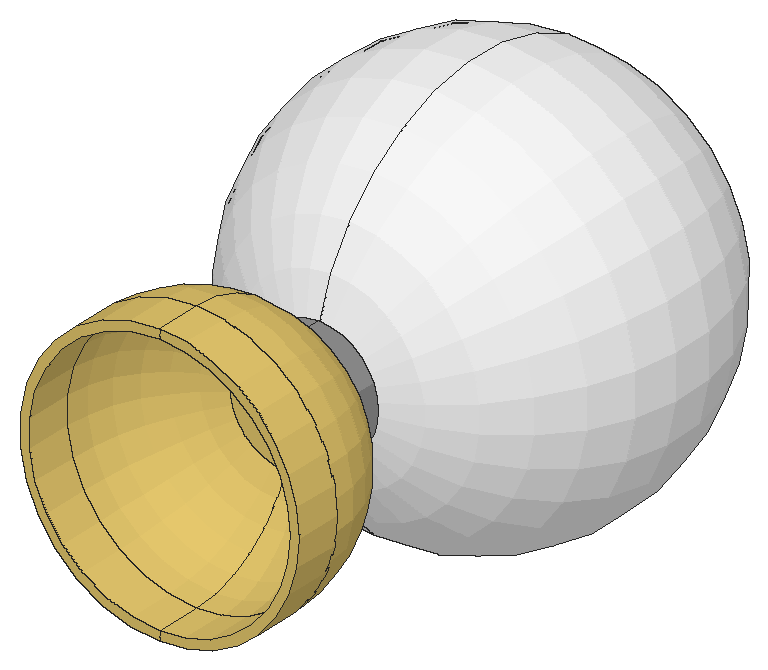
Revit family "Aballs_A_ll_ME_Wall", category Luminarias, Revit 2017
Family settings
  Anfitrión = Muro
  Cota de conector redondo = Diámetro de uso
  Tipo de pieza = Normal
  Número OmniClass = 23.80.70.00
  Título OmniClass = Lighting
  Siempre vertical = Sí
  Corte con vacíos al cargar = No
  Origen de luz = Sí
  Compartido = No
  Punto de cálculo de habitación = No
Parameters
  Wattage = 9.2903 W
  URL = "https://www.parachilna.eu/collections/aballs/products/aballs-a-ii-me"
  Light Source Symbol Size = 609.6 mm
  built-in parameter 1150110 = 1 (stored number, unit not read)
  Montaje = "https://www.dropbox.com/sh/y09r5f3by8ur25m/AACzveyU-6ukK_LyryJNx2f_a?dl=0"
  Modelo = "ABALLS A II ME"
  Metal Ring = Shiny  Platinum
  Imagen de tipo = w3AFNegw.jpeg
  built-in parameter 1114217 = 1 (stored number, unit not read)
  built-in parameter 1150109 = 1 (stored number, unit not read)
  Fabricante = "PARACHILNA"
  Difusor = Opal White
  Descripción = "Ceiling lamp. Base in white, black, golden, copper or platinum ceramic. Diffuser in blown opal matt glass."
  built-in parameter 1150134 = (empty or 0)
  built-in parameter 1150113 = 1 (stored number, unit not read)
  Lumens = 1380 lm
  built-in parameter 1150115 = 1 (stored number, unit not read)
  built-in parameter 1150105 = 109.82 (stored number, unit not read)
  built-in parameter 1150137 = (empty or 0)
  built-in parameter 1150139 = (empty or 0)
  built-in parameter 1150112 = 1 (stored number, unit not read)
  built-in parameter 1150114 = 1 (stored number, unit not read)
  built-in parameter 1150132 = 2
  built-in parameter 1150102 = (empty or 0)
  built-in parameter 1150138 = (empty or 0)
  built-in parameter 1150107 = 3000 (stored number, unit not read)
  built-in parameter 1150106 = 1.0982 (stored number, unit not read)
  built-in parameter 1150104 = 13.8 (stored number, unit not read)
  Dimming Lamp Color Temperature Shift = (empty or 0)
  Color Filter = 16777215
  built-in parameter 1114218 = 1 (stored number, unit not read)
  Base = Shiny  Golden
  built-in parameter 1150133 = 10 (stored number, unit not read)
Reference planes
  plane 1: y = 0
  plane 2 "Eje de origen de luz (F/P)": y = 203.2
  plane 3 "Plano de inclinación de origen de luz": x = -36.356
  plane 4 "Elevación de origen de luz": z = 1966.525
Forms (mm)
  Revolve 1, solid, material "Shiny  Golden" <- "Base"
    sketch origin (-36.356, 2513.4, 1966.525) x (0, 0, 1) y (0, -1, 0)
      loop
        line (56, 2438.4) -> (56, 2418.4)
        arc (56, 2418.4) -> (47.278, 2389.876) -> (24.094, 2371.109) r 51
        line (24.094, 2371.109) -> (0, 2371.109) -> (0, 2367.4) -> (25.591, 2367.4)
        arc (25.591, 2367.4) -> (50.593, 2387.639) -> (60, 2418.4) r 55
        line (60, 2418.4) -> (60, 2438.4) -> (56, 2438.4)
      axis (0, 2367.4) -> (0, 2438.4)
    angle from 0 to 360
  Revolve 2, solid, material "Shiny  Platinum" <- "Metal Ring"
    sketch origin (-36.356, 2513.4, 1966.525) x (0, 0, 1) y (0, -1, 0)
      loop
        line (-25.591, 2366.8) -> (-25.591, 2353.4) -> (0, 2353.4) -> (0, 2355.4) -> (-23.591, 2355.4) -> (-23.591, 2364.8) -> (0, 2364.8) -> (0, 2366.8) -> (-25.591, 2366.8)
      axis (0, 2366.8) -> (0, 2353.4)
    angle from 0 to 360
  Revolve 3, solid, material "Opal White" <- "Difusor"
    sketch origin (-36.356, 2513.4, 1966.525) x (0, 0, 1) y (0, -1, 0)
      loop
        line (23.5, 2353.4) -> (0, 2353.4) -> (0, 2352.4) -> (23.367, 2352.4)
        arc (23.367, 2352.4) -> (88.216, 2254.735) -> (0, 2177.522) r 89
        line (0, 2177.522) -> (0, 2176.522)
        arc (0, 2176.522) -> (89.216, 2254.669) -> (23.5, 2353.4) r 90
      axis (0, 2353.4) -> (0, 2176.522)
    angle from 0 to 360
Text (mm)
  text "Placement Side" at (0, 1019.848, 3124.603), in view "Derecha"
  text "Placement Side" at (-1787.662, 723.012, 0), in view "Nivel de referencia"
  text "Placement Side" at (0, 1206.291, 3571.227), in view "Izquierda"
  text "90 Deg." at (-228.6, 1737.863, 2019.117), in view "Izquierda"
  text "0 Deg. light tilt" at (-228.6, 870.797, 303.06), in view "Izquierda"
  text "180 deg." at (-228.6, 532.154, 2851.909), in view "Izquierda"
Dimensions and locks
  aligned and locked: plane 3 "Plano de inclinación de origen de luz" to imposter light
  aligned and locked: plane 2 "Eje de origen de luz (F/P)" to imposter light
  aligned and locked: plane 4 "Elevación de origen de luz" to imposter light
  aligned and locked: imposter light to Revolve 1 sketch curve
  aligned and locked: Revolve 3 sketch curve to imposter light
  aligned and locked: Revolve 2 sketch curve to imposter light
  aligned and locked: plane 3 "Plano de inclinación de origen de luz" to Revolve 2
  aligned and locked: plane 3 "Plano de inclinación de origen de luz" to Revolve 1
